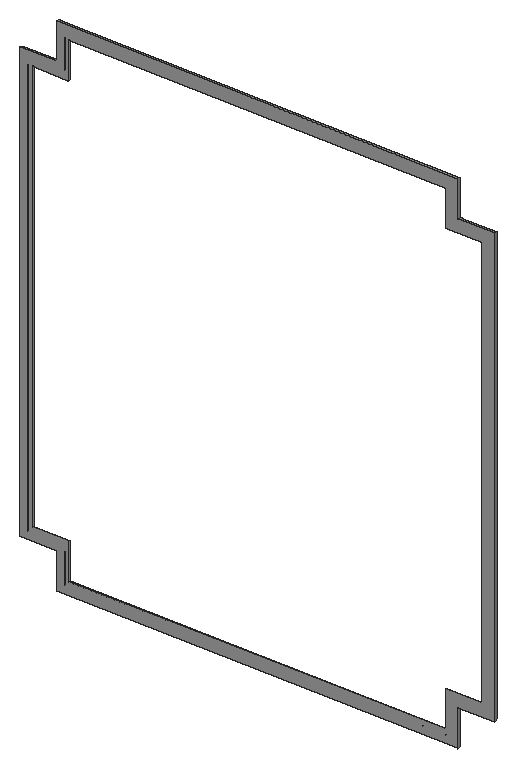
Revit family "Sara_familija", category Generic Models, host Wall, Revit 2013
Reference planes (cm)
  plane 1: y = 0
  plane 2 "Center (Left/Right)": x = 0
  plane 3 "Wall Edge": y = 7.62
Forms (cm)
  Sweep 1, solid, material "Gypsum Wall Board"
    path origin (0, 7.62, 0) x (1, 0, 0) y (0, 0, 1)
      loop
        line (-120.9967, 22.8116) -> (133.0033, 22.8116) -> (133.0033, 45.6716) -> (155.8633, 45.6716) -> (155.8633, 322.5316) -> (133.0033, 322.5316) -> (133.0033, 345.3916) -> (-120.9967, 345.3916) -> (-120.9967, 322.5316) -> (-143.8567, 322.5316) -> (-143.8567, 45.6716) -> (-120.9967, 45.6716) -> (-120.9967, 22.8116)
    profile origin (6.0033, 7.62, 22.8116) x (0, 0, 1) y (0, -1, 0)
      loop
        line (1.1516, -3) -> (2.5, -3)
        arc (2.5, -3) -> (3.1028, -2.4342) -> (3.2632, -1.6231) r 1.3513
        line (3.2632, -1.6231) -> (4, -1.6231)
        arc (4, -1.6231) -> (4.2149, -1.3123) -> (4.2683, -0.9382) r 0.8237
        line (4.2683, -0.9382) -> (5, -0.9382) -> (5, -0.5546) -> (8, -0.5546) -> (8, 0) -> (0, 0)
        arc (0, 0) -> (0.2991, -1.6062) -> (1.1516, -3) r 4.5031
Text (cm)
  text "Placement Side" at (0, 101.9848, 312.4603), in view "Right"
  text "Placement Side" at (-178.7662, 72.3012, 0), in view "Ref. Level"
  text "Placement Side" at (0, 207.3289, 357.1227), in view "Left"
Dimensions and locks (cm)
  locked: plane 3 "Wall Edge" to host wall
